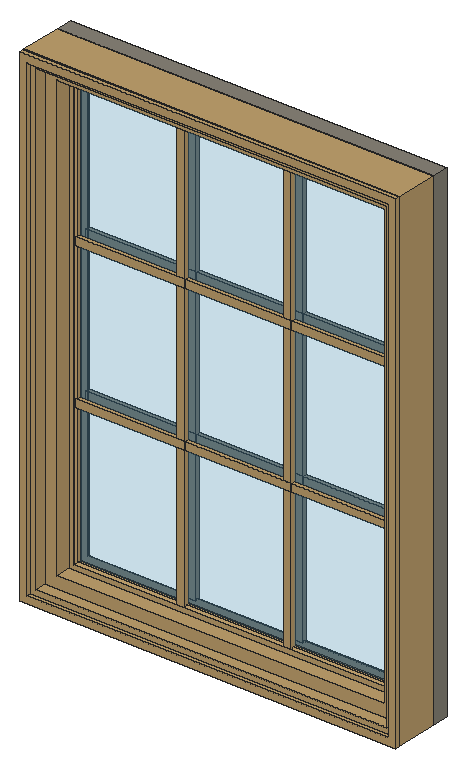
Revit family
Parameters (values of type "CUCA3648")
  Window Type = "Clad Ultimate Casement Tripane"
  Vent Area = VO Width * VO Height  # 8.42878 SF
  VO Width = if(Width < 1' 8", Width - 0' 9 19/32", Width - 0' 7 7/64")  # 2' - 4 57/64"
  VO Height = Height - 0' 5 29/256"  # 3' - 6 3/256"
  URL = "www.marvin.com"
  Prairie Corner Width = 0' - 4"
  Prairie Corner Height = 0' - 4"
  Plan Swing Angle [instance] = 14.802°
  Swing Width = Width - 0' 2 3/8"  # 2' - 9 5/8"
  Nominal Width = 3' - 0"
  Nominal Height = 4' - 0"
  Muntins Interior Material = Wood-Marvin-Pine
  Muntins Exterior Material = Aluminum-Marvin-Bronze
  Model = "CUCA3648"
  Manufacturer = "Marvin Windows and Doors"
  Lites Wide = 3
  Lites Wide Constraint = if(Nominal Width > 1' 4", Lites Wide, if(Lites Wide < 2, 1, 2))  # 3
  Lites High = 3
  Lites High Constraint = if(Nominal Height > 1' 4", Lites High, if(Lites High < 2, 1, 2))  # 3
  Lite Cut Prairie 9 = no
  Lite Cut Prairie 9 Constraint = if(and(Nominal Width > 1' 4", Nominal Height > 1' 4"), Lite Cut Prairie 9, 1 = 0)  # no
  Lite Cut HV Grid = not(Lite Cut Prairie 9 Constraint)  # yes
  Label Visibility = no
  Label Egress = if(and(and(VO Width > 1' 8", VO Height > 2' 0"), Vent Area > 5.70 SF), "EGRESS WDW", "")  # "EGRESS WDW"
  Interior Material = Wood-Marvin-Pine
  Glazing Material = Glass-Marvin-IG Low E II with Argon
  Glass Type = "IG Low E II with Argon - Tripane"
  Frame = "Aluminum Clad"
  Family created by = "www.rbuiltcomponents.com"
  Elev Swing RH Visibility [instance] = yes
  Elev Swing LH Visibility [instance] = no
  Rough Width = Width + 0' 1"  # 3' - 1"
  Rough Height = Height + 0' 0 1/2"  # 3' - 11 5/8"
  Plan Swing RH Visibility [instance] = yes
  Plan Swing LH Visibility [instance] = no
  Muntins Interior Visibility = yes
  Muntins Exterior Visibility = yes
  Jamb Extension Visibility = yes
  Inset to Installation Flange [instance] = 0' - 1"
  Height = Nominal Height - 0' 0 7/8"  # 3' - 11 1/8"
  Egress Window = "Yes"
  Design Pressure = "DP50"
  Description = "3648 CSMT"
  Default Head Height = 8' - 0"
  Wall Closure = (empty or 0)
  Width = Nominal Width  # 3' - 0"
  Daylight Area = DLO Width * DLO Height  # 8.66056 SF
  DLO Width = Width - 0' 5 13/16"  # 2' - 6 3/16"
  DLO Height = Height - 0' 5 13/16"  # 3' - 5 5/16"
  Cladding Material = Aluminum-Marvin-Bronze
  Assembly Code = ""
  Note To User = "All Lite Constraints Apply To Nominal Widths Or Heights < 1 - 6"  # constant formula
Reference planes (in)
  plane 1 "Center (Front/Back)": y = 0
  plane 2: z = 0
  plane 3 "Center (Left/Right)": x = -3
  plane 4 "Left": x = -21
  plane 5 "Right": x = 15
  plane 6 "Sill": z = 48.875
  plane 7 "Top": z = 96
  plane 8 "Inset": y = 2
  plane 9 "Glazing": y = 1.5
  plane 10 "Jamb Ext Face": y = -2.5625
  plane 11: z = 72.4375
  plane 12: y = -2.625
Forms (in)
  Sweep 1, solid, material "Aluminum-Marvin-Bronze" <- "Cladding Material"
    path origin (0, 1.5, 0) x (1, 0, 0) y (0, 0, 1)
      loop
        line (-21, 96) -> (-21, 48.875) -> (15, 48.875) -> (15, 96) -> (-21, 96)
    profile "Profile_Ext_Clad_Frame : Profile_Ext_Clad_Frame" origin (-21, 1.5, 72.4375) x (1, 0, 0) y (0, -1, 0)
      loop
        line (0, 0) -> (0, -1.59375) -> (0.52105, -1.59375) -> (0.60565, -0.38401) -> (2.696, -0.38401) -> (2.696, -0.2654) -> (2.896, -0.0654) -> (2.896, 0) -> (0, 0)
  Sweep 2, solid, material "Wood-Marvin-Pine" <- "Interior Material"
    path origin (0, 1.5, 0) x (1, 0, 0) y (0, 0, 1)
      loop
        line (-21, 96) -> (-21, 48.875) -> (15, 48.875) -> (15, 96) -> (-21, 96)
    profile "Profile_Int_Frame : Profile_Int_Frame" origin (-21, 1.5, 72.4375) x (1, 0, 0) y (0, -1, 0)
      loop
        line (0, 0) -> (2.208, 0) -> (2.208, 1.0035) -> (2.896, 1.0035) -> (2.896, 1.20016) -> (2.7085, 1.38766) -> (2.7085, 1.4875) -> (2.30184, 1.4875) -> (2.30184, 2.96164) -> (1.188, 2.96164) -> (1.188, 4.0625) -> (0, 4.0625) -> (0, 0)
  Extrusion 3, solid, material "Wood-Marvin-Pine" <- "Interior Material", visible <- "Jamb Extension Visibility", detail levels medium+fine
    sketch origin (0, -2.5625, 0) x (1, 0, 0) y (0, 0, 1)
      loop
        line (-21, 96) -> (-21, 48.875) -> (15, 48.875) -> (15, 96) -> (-21, 96)
      loop
        line (-20.3125, 49.5625) -> (14.3125, 49.5625) -> (14.3125, 95.3125) -> (-20.3125, 95.3125) -> (-20.3125, 49.5625)
    from 0.0625 to 0.4375
  Extrusion 4, solid, material "Glass-Marvin-IG Low E II with Argon" <- "Glazing Material"
    sketch origin (0, 1.5, 0) x (1, 0, 0) y (0, 0, 1)
      loop
        line (12.65625, 93.65625) -> (-18.65625, 93.65625) -> (-18.65625, 51.21875) -> (12.65625, 51.21875) -> (12.65625, 93.65625)
    from 0 to 0.125
  Extrusion 5, solid, material "Glass-Marvin-IG Low E II with Argon" <- "Glazing Material"
    sketch origin (0, 1.5, 0) x (1, 0, 0) y (0, 0, 1)
      loop
        line (12.65625, 93.65625) -> (-18.65625, 93.65625) -> (-18.65625, 51.21875) -> (12.65625, 51.21875) -> (12.65625, 93.65625)
    from 0.875 to 1.0035
Lines and regions (in)
  Opening 1
    outline origin (-60, -3, 0) x (1, 0, 0) y (0, 0, 1)
      loop
        line (39, 96) -> (39, 48.875) -> (75, 48.875) -> (75, 96) -> (39, 96)
  Masking region 1
    outline origin (0, 0, 48.875) x (0, -1, 0) y (1, 0, 0)
      loop
        line (-3.09375, -21) -> (2.5625, -21) -> (2.5625, 15) -> (-3.09375, 15) -> (-3.09375, -21)
  Masking region 2
    outline origin (-3, 0, 0) x (0, 1, 0) y (0, 0, 1)
      loop
        line (3.09375, 96) -> (-2.5625, 96) -> (-2.5625, 48.875) -> (3.09375, 48.875) -> (3.09375, 96)
  Masking region 3, visible <- "Jamb Extension Visibility"
    outline origin (0, 0, 0) x (1, 0, 0) y (0, 1, 0)
      loop
        line (-21, -2.625) -> (-21, -3) -> (15, -3) -> (15, -2.625) -> (-21, -2.625)
  Masking region 4, visible <- "Jamb Extension Visibility"
    outline origin (-3, 0, 0) x (0, 1, 0) y (0, 0, 1)
      loop
        line (-2.625, 96) -> (-3, 96) -> (-3, 48.875) -> (-2.625, 48.875) -> (-2.625, 96)
  symbolic lines, style "Jamb Extension", visible <- "Jamb Extension Visibility", detail levels fine
    curve 1: line (-21, -3, 48.875) -> (-20.3125, -3, 48.875)
    curve 2: line (-20.3125, -3, 48.875) -> (-20.3125, -2.625, 48.875)
    curve 3: line (15, -3, 48.875) -> (14.3125, -3, 48.875)
    curve 4: line (14.3125, -3, 48.875) -> (14.3125, -2.625, 48.875)
    curve 5: line (-3, -3, 95.3125) -> (-3, -2.625, 95.3125)
    curve 6: line (-3, -3, 49.5625) -> (-3, -2.625, 49.5625)
  symbolic lines, style "WindowsFrameMullionProjection", detail levels coarse+medium
    curve 7: line (15, -2.5625, 0) -> (13.812, -2.5625, 0)
    curve 8: line (13.812, -2.5625, 0) -> (13.812, 3.09375, 0)
    curve 9: line (13.812, 3.09375, 0) -> (15, 3.09375, 0)
    curve 10: line (13.812, 1.88401, 0) -> (12.104, 1.88401, 0)
    curve 11: line (12.104, 1.88401, 0) -> (12.104, 0.0125, 0)
    curve 12: line (-19.812, 0.0125, 0) -> (-18.104, 0.0125, 0)
    curve 13: line (-21, -2.5625, 0) -> (-19.812, -2.5625, 0)
    curve 14: line (-19.812, -2.5625, 0) -> (-19.812, 3.09375, 0)
    curve 15: line (-19.812, 3.09375, 0) -> (-21, 3.09375, 0)
    curve 16: line (-18.104, 1.88401, 0) -> (-18.104, 0.0125, 0)
    curve 17: line (-3, 3.09375, 96) -> (-3, 3.09375, 94.812)
    curve 18: line (-3, 3.09375, 94.812) -> (-3, -2.5625, 94.812)
    curve 19: line (-3, -2.5625, 94.812) -> (-3, -2.5625, 96)
    curve 20: line (-3, 1.875, 94.812) -> (-3, 1.875, 93.104)
    curve 21: line (-3, 1.875, 93.104) -> (-3, 0.00901, 93.104)
    curve 22: line (-3, 0.00901, 50.063) -> (-3, 0.00901, 51.771)
    curve 23: line (-3, 3.09375, 48.875) -> (-3, 3.09375, 50.063)
    curve 24: line (-3, 3.09375, 50.063) -> (-3, -2.5625, 50.063)
    curve 25: line (-3, -2.5625, 50.063) -> (-3, -2.5625, 48.875)
    curve 26: line (-3, 1.875, 51.771) -> (-3, 0.00901, 51.771)
    curve 29: line (12.104, 1.88401, 0) -> (-18.104, 1.88401, 0)
    curve 30: line (12.104, 0.0125, 0) -> (13.812, 0.0125, 0)
    curve 31: line (-18.104, 0.0125, 0) -> (12.104, 0.0125, 0)
    curve 32: line (-18.104, 1.88401, 0) -> (-19.812, 1.88401, 0)
    curve 33: line (-3, 0.00901, 51.771) -> (-3, 0.00901, 93.104)
    curve 34: line (-3, 1.875, 51.771) -> (-3, 1.875, 50.063)
    curve 35: line (-3, 0.00901, 93.104) -> (-3, 0.00901, 94.812)
    curve 36: line (-3, 1.875, 93.104) -> (-3, 1.875, 51.771)
  symbolic lines, style "WindowsGlassProjection", detail levels coarse+medium
    curve 27: line (-3, 1.07151, 93.104) -> (-3, 1.07151, 51.771)
    curve 28: line (-18.104, 1.07351, 0) -> (12.104, 1.07351, 0)
  symbolic lines, style "Elevation Swing", visible <- "Elev Swing LH Visibility"
    curve 37: line (-20.39435, 0, 95.37685) -> (14.39435, 0, 72.4375)
    curve 38: line (14.39435, 0, 72.4375) -> (-20.47895, 0, 49.39605)
  symbolic lines, style "Elevation Swing", visible <- "Elev Swing RH Visibility"
    curve 39: line (14.39435, 0, 95.37685) -> (-20.39435, 0, 72.4375)
    curve 40: line (-20.39435, 0, 72.4375) -> (14.3125, 0, 49.5625)
  symbolic lines, style "WindowsFrameMullionProjection"
    curve 41: line (-3, -2.5625, 50.063) -> (-3, -2.5625, 94.812)
    curve 42: line (-19.812, -2.5625, 48.875) -> (13.812, -2.5625, 48.875)
  symbolic lines, style "WindowsFrameMullionProjection", visible <- "Jamb Extension Visibility", detail levels coarse+medium
    curve 43: line (-20.3125, -2.625, 48.875) -> (-20.3125, -3, 48.875)
    curve 44: line (-20.3125, -3, 48.875) -> (-21, -3, 48.875)
    curve 45: line (14.3125, -2.625, 48.875) -> (14.3125, -3, 48.875)
    curve 46: line (14.3125, -3, 48.875) -> (15, -3, 48.875)
    curve 49: line (-3, -2.625, 95.3125) -> (-3, -3, 95.3125)
    curve 50: line (-3, -3, 95.3125) -> (-3, -3, 96)
    curve 51: line (-3, -2.625, 49.5625) -> (-3, -3, 49.5625)
    curve 52: line (-3, -3, 49.5625) -> (-3, -3, 48.875)
  symbolic lines, style "Jamb Extension", visible <- "Jamb Extension Visibility"
    curve 47: line (-3, -3, 49.5625) -> (-3, -3, 48.875)
    curve 48: line (-3, -3, 95.3125) -> (-3, -3, 96)
  symbolic lines, style "Elevation Swing", visible <- "Plan Swing RH Visibility"
    curve 53: line (-19.812, 1.88401, 0) -> (12.69713, 10.47452, 0)
    curve 54: arc (13.812, 1.88401, 0) -> (13.53212, 6.21529, 0) -> (12.69713, 10.47452, 0) r 33.65416
  symbolic lines, style "Elevation Swing", visible <- "Plan Swing LH Visibility"
    curve 55: line (13.812, 1.88401, 0) -> (-18.69713, 10.47452, 0)
    curve 56: arc (-19.812, 1.88401, 0) -> (-19.53212, 6.21529, 0) -> (-18.69713, 10.47452, 0) r 33.65416
Text (in)
  text "EXTERIOR" at (-58.6888, 50.90694, 0), in view "Ref. Level"
  text "INTERIOR" at (-58.6888, -37.76638, 0), in view "Ref. Level"
  text "Exterior" at (0, 43.65631, 123.19604), in view "Left"
  text "Exterior" at (0, 18.29385, 125.04747), in view "Right"
Dimensions and locks (in)
  equal spacing: plane 4 "Left", plane 3 "Center (Left/Right)", plane 5 "Right"
  "Width": plane 4 "Left" to plane 5 "Right"
  "Height": plane 6 "Sill" to plane 7 "Top"
  "Inset to Installation Flange": host wall to plane 8 "Inset"
  locked: plane 9 "Glazing" to plane 8 "Inset" at 0.5
  locked: plane 10 "Jamb Ext Face" to plane 8 "Inset" at 4.5625
  locked: Extrusion 4 sketch curve to plane 5 "Right" at 2.34375
  locked: plane 4 "Left" to Extrusion 4 sketch curve at 2.34375
  locked: Extrusion 4 sketch curve to plane 7 "Top" at 2.34375
  locked: plane 6 "Sill" to Extrusion 4 sketch curve at 2.34375
  plane 8 "Inset" to curve 20 to curve 35 = 0' - 0 1/8" locked, 0' - 1.86599" locked
  equal spacing: curve 30, curve 10, plane 8 "Inset"
  locked: nested 3 to plane 9 "Glazing" at 1
  equal spacing: plane 6 "Sill", plane 11, plane 7 "Top"
  "Default Head Height": plane 2 to plane 7 "Top"
  locked: Extrusion 3 sketch curve to Extrusion 3 sketch curve at 0.6875  (x2)
  locked: Sweep 2 to Extrusion 3 sketch curve at 0.6875
  locked: plane 7 "Top" to Extrusion 3 sketch curve at 0.6875
  locked: nested 5 to host wall at 12.00106
  locked: Extrusion 5 sketch curve to plane 7 "Top" at 2.34375
  locked: Extrusion 5 sketch curve to plane 5 "Right" at 2.34375
  locked: plane 6 "Sill" to Extrusion 5 sketch curve at 2.34375
  locked: plane 4 "Left" to Extrusion 5 sketch curve at 2.34375
  locked: plane 9 "Glazing" to Extrusion 4 at 0.125
  locked: plane 9 "Glazing" to Extrusion 5 at 0.875
  locked: plane 9 "Glazing" to Extrusion 5 at 1.0035
  locked: Extrusion 5 to Extrusion 5 at 0.1285
  "Swing Width": curve 56 to curve 55
  "Swing Width": curve 54 to curve 53
  locked: plane 12 to plane 10 "Jamb Ext Face" at 0.0625
  "Plan Swing Angle": angle curve 32 to curve 53
  "Plan Swing Angle": angle curve 55 to curve 10
  aligned and locked: plane 7 "Top" to Opening 1 sketch curve
  aligned and locked: plane 6 "Sill" to Opening 1 sketch curve  (x2)
  aligned and locked: plane 5 "Right" to Opening 1 sketch curve
  aligned and locked: plane 4 "Left" to Opening 1 sketch curve
  aligned and locked: nested 1 to plane 3 "Center (Left/Right)"
  aligned and locked: plane 8 "Inset" to nested 1
  aligned and locked: host wall to curve 1
  aligned and locked: curve 3 to host wall
  aligned and locked: plane 7 "Top" to Sweep 1 sketch curve
  aligned and locked: Sweep 1 sketch curve to plane 6 "Sill"
  aligned and locked: plane 5 "Right" to Sweep 1 sketch curve
  aligned and locked: Sweep 1 sketch curve to plane 4 "Left"
  aligned and locked: Sweep 2 sketch curve to plane 4 "Left"
  aligned and locked: plane 5 "Right" to Sweep 2 sketch curve
  aligned and locked: plane 7 "Top" to Sweep 2 sketch curve
  aligned and locked: Sweep 2 sketch curve to plane 6 "Sill"
  aligned and locked: plane 6 "Sill" to nested 2
  aligned and locked: plane 8 "Inset" to nested 2
  aligned and locked: Extrusion 3 sketch curve to plane 6 "Sill"
  aligned and locked: plane 5 "Right" to Extrusion 3 sketch curve
  aligned and locked: plane 11 to nested 3
  aligned and locked: plane 9 "Glazing" to nested 4
  aligned and locked: nested 4 to plane 11
  aligned and locked: nested 4 to plane 3 "Center (Left/Right)"
  aligned and locked: plane 3 "Center (Left/Right)" to nested 3
  aligned and locked: plane 5 "Right" to Masking region 1 sketch curve
  aligned and locked: Masking region 1 sketch curve to plane 4 "Left"
  aligned and locked: Masking region 1 sketch curve to Sweep 1
  aligned and locked: Masking region 2 sketch curve to Sweep 1
  aligned and locked: plane 7 "Top" to Masking region 2 sketch curve
  aligned and locked: Masking region 2 sketch curve to plane 6 "Sill"
  aligned and locked: host wall to Extrusion 3
  aligned and locked: Sweep 1 to curve 15
  aligned and locked: curve 9 to Sweep 1
  aligned and locked: curve 23 to Sweep 1
  aligned and locked: curve 17 to Sweep 1
  aligned and locked: plane 3 "Center (Left/Right)" to nested 5
  aligned and locked: Extrusion 3 sketch curve to plane 4 "Left"
  aligned and locked: plane 7 "Top" to Extrusion 3 sketch curve
  aligned and locked: curve 5 to Extrusion 3
  aligned and locked: curve 2 to Extrusion 3
  aligned and locked: curve 4 to Extrusion 3
  aligned and locked: plane 10 "Jamb Ext Face" to curve 13
  aligned and locked: curve 7 to plane 10 "Jamb Ext Face"
  aligned and locked: curve 42 to curve 14
  aligned and locked: curve 42 to curve 8
  aligned and locked: plane 10 "Jamb Ext Face" to curve 42
  aligned and locked: plane 4 "Left" to curve 44
  aligned and locked: curve 43 to Extrusion 3
  aligned and locked: curve 44 to host wall
  aligned and locked: plane 5 "Right" to curve 46
  aligned and locked: Extrusion 3 to curve 45
  aligned and locked: host wall to curve 46
  aligned and locked: curve 25 to plane 10 "Jamb Ext Face"
  aligned and locked: curve 24 to curve 41
  aligned and locked: plane 6 "Sill" to curve 47
  aligned and locked: curve 47 to Extrusion 3
  aligned and locked: curve 47 to host wall
  aligned and locked: plane 10 "Jamb Ext Face" to curve 19
  aligned and locked: plane 7 "Top" to curve 48
  aligned and locked: plane 7 "Top" to curve 50
  aligned and locked: host wall to curve 50
  aligned and locked: Extrusion 3 to curve 49
  aligned and locked: plane 6 "Sill" to curve 52
  aligned and locked: curve 51 to Extrusion 3
  aligned and locked: Sweep 2 to curve 41
  aligned and locked: Extrusion 4 to plane 9 "Glazing"
  aligned and locked: Sweep 1 to curve 53
  aligned and locked: curve 14 to curve 53
  aligned and locked: Sweep 1 to curve 10
  aligned and locked: Sweep 1 to curve 32
  aligned and locked: curve 12 to Sweep 2
  aligned and locked: Sweep 2 to curve 30
  aligned and locked: curve 8 to curve 55
  aligned and locked: curve 8 to nested 1
  aligned and locked: curve 14 to Sweep 2
  aligned and locked: Extrusion 3 to plane 12
  aligned and locked: plane 12 to curve 2
  aligned and locked: plane 12 to curve 43
  aligned and locked: plane 12 to curve 4
  aligned and locked: plane 12 to curve 45
  aligned and locked: plane 12 to curve 5
  aligned and locked: plane 12 to curve 49
  aligned and locked: plane 12 to curve 6
  aligned and locked: plane 12 to curve 51
  aligned and locked: plane 12 to Masking region 3 sketch curve
  aligned and locked: Masking region 3 sketch curve to host wall
  aligned and locked: Masking region 3 sketch curve to plane 4 "Left"
  aligned and locked: plane 5 "Right" to Masking region 3 sketch curve
  aligned and locked: plane 12 to Masking region 4 sketch curve
  aligned and locked: Masking region 4 sketch curve to host wall
  aligned and locked: plane 7 "Top" to Masking region 4 sketch curve
  aligned and locked: Masking region 4 sketch curve to plane 6 "Sill"
  aligned and locked: Masking region 1 sketch curve to plane 10 "Jamb Ext Face"
  aligned and locked: Masking region 2 sketch curve to plane 10 "Jamb Ext Face"
  aligned and locked: curve 40 to Extrusion 3
  aligned and locked: Sweep 1 to curve 40
  aligned and locked: Sweep 1 to curve 39
  aligned and locked: curve 38 to Sweep 1
  aligned and locked: Sweep 1 to curve 38
  aligned and locked: Sweep 1 to curve 37
  aligned and locked: curve 21 to Sweep 2
  aligned and locked: curve 26 to Sweep 2
  aligned and locked: curve 24 to Sweep 2
  aligned and locked: curve 16 to Sweep 2
  aligned and locked: curve 11 to Sweep 2
  aligned and locked: Extrusion 5 to Sweep 2
  aligned and locked: curve 34 to nested 2
Automatic sketch dimensions
  curve 13 to plane 4 "Left" = 0' - 0"
  curve 15 to plane 4 "Left" = 0' - 0"
  curve 7 to plane 5 "Right" = 0' - 0"
  curve 9 to plane 5 "Right" = 0' - 0"
  plane 9 "Glazing" to curve 28 = 0' - 0.42649"
  curve 1 to plane 4 "Left" = 0' - 0"
  curve 3 to plane 5 "Right" = 0' - 0"
  curve 25 to plane 6 "Sill" = 0' - 0"
  curve 23 to plane 6 "Sill" = 0' - 0"
  curve 17 to plane 7 "Top" = 0' - 0"
  curve 19 to plane 7 "Top" = 0' - 0"
  plane 9 "Glazing" to curve 27 = 0' - 0.42849"
  curve 38 to plane 11 = 0' - 0"
  curve 40 to plane 11 = 0' - 0"
  curve 40 to plane 6 "Sill" = 0' - 0 11/16"
  curve 38 to plane 6 "Sill" = 0' - 0.52105"
  plane 7 "Top" to curve 39 = 0' - 0.62315"
  plane 7 "Top" to curve 37 = 0' - 0.62315"
Nested families (in)
  nested 1: "Casement_Plan_Detail" at (-3, 2, 48.875) x (-1, 0, 0) z (0, 0, -1), type "Casement_Plan_Detail", detail levels fine
  nested 2: "Casement_Section_Detail" at (-3, 2, 96) x (0, -1, 0) z (1, 0, 0), type "Casement_Section_Detail", detail levels fine
  nested 3: "Muntins" at (-3, 0.5, 15.78125), visible <- "Muntins Interior Visibility", Muntin Material <- "Muntins Interior Material", type "Muntins"
    with Muntin Material Wood-Marvin-Pine, GlazingWidth 2' - 6 3/16", GlazingHeight 3' - 5 5/16", Width 2' - 6 5/8", Height 3' - 5 3/4", Inset Vert 0' - 9.83333", Inset Horiz 1' - 1.54167"
  nested 4: "Muntins" at (-3, 1.5, 15.78125), visible <- "Muntins Exterior Visibility", Muntin Material <- "Muntins Exterior Material", type "Muntins"
    with Muntin Material Aluminum-Marvin-Bronze, GlazingWidth 2' - 6 3/16", GlazingHeight 3' - 5 5/16", Width 2' - 6 5/8", Height 3' - 5 3/4", Inset Vert 0' - 9.83333", Inset Horiz 1' - 1.54167"
  nested 5: "Label Annotation 1-16 w" at (-3, 15.00106, 0), visible <- "Label Visibility", type "Label Annotation 1-16 w"
Definition of nested family "Muntins"
  Parameters (values of type "Muntins")
    PrairieMuntVisible = no
    Prairie Corner Width = 0' - 4"
    Prairie Corner Height = 0' - 4"
    Muntin Extension = 0' - 0 7/16"
    GridMuntVisible = yes
    GlazingWidth = 2' - 0"
    GlazingHeight = 2' - 11 1/8"
    Width = GlazingWidth + Muntin Extension  # 2' - 0 7/16"
    VerticalMuntins = if(LitesHorizontal < 3, 2, LitesHorizontal - 1)  # 2
    VertMuntVisible = and(GridMuntVisible, LitesHorizontal > 2)  # yes
    MuntinWidth = 0' - 0 3/4"
    MuntinDepth [instance] = 0' - 0 3/8"
    Muntin Material [instance] = none
    LitesVertical = 3
    LitesHorizontal = 3
    HorizontalMuntins = if(LitesVertical < 3, 2, LitesVertical - 1)  # 2
    HorizMuntVisible = and(GridMuntVisible, LitesVertical > 2)  # yes
    Height = GlazingHeight + Muntin Extension  # 2' - 11 9/16"
    Inset Vert = if(LitesHorizontal < 3, (Width / 3) - (MuntinWidth / 2), (Width / LitesHorizontal) - (MuntinWidth / 2))  # 0' - 7.77083"
    Inset Horiz = if(LitesVertical < 3, (Height / 3) - (MuntinWidth / 2), (Height / LitesVertical) - (MuntinWidth / 2))  # 0' - 11.47917"
    CenterMuntinVertical = and(GridMuntVisible, LitesHorizontal = 2)  # no
    CenterMuntinHorizontal = and(GridMuntVisible, LitesVertical = 2)  # no
    Assembly Code = ""
  Reference planes (in)
    plane 1 "Center (Front/Back)": y = 0
    plane 2: z = 0
    plane 3 "Center (Left/Right)": x = 0
    plane 4: z = 35.78125
    plane 5: z = 53.5625
    plane 6: z = 71.34375
    plane 7: z = 59.86458
    plane 8: z = 47.26042
    plane 9: z = 71.125
    plane 10: z = 36
    plane 11: x = -12
    plane 12: x = 12
    plane 13: x = -4.44792
    plane 14: x = -12.21875
    plane 15: x = 12.21875
    plane 16: x = 4.44792
    plane 17: z = 67.125
    plane 18: z = 40
    plane 19: x = -8
    plane 20: x = 8
  Forms (in)
    Extrusion 1, solid, material <- "Muntin Material", visible <- "CenterMuntinVertical", detail levels medium+fine
      sketch origin (9, 0, 0) x (1, 0, 0) y (0, 0, 1)
        loop
          line (-9.375, 71.34375) -> (-9.375, 35.78125) -> (-8.625, 35.78125) -> (-8.625, 71.34375) -> (-9.375, 71.34375)
      from 0 to 0.375 <- "MuntinDepth"
    Extrusion 2, solid, material <- "Muntin Material", visible <- "CenterMuntinHorizontal", detail levels medium+fine
      sketch origin (-0.0013, 0, 14.6875) x (1, 0, 0) y (0, 0, 1)
        loop
          line (-12.21745, 39.25) -> (-12.21745, 38.5) -> (12.22005, 38.5) -> (12.22005, 39.25) -> (-12.21745, 39.25)
      from 0 to 0.375 <- "MuntinDepth"
    Extrusion 3, solid, material <- "Muntin Material", visible <- "VertMuntVisible", detail levels medium+fine
      sketch origin (4.92708, 0, -2.90625) x (1, 0, 0) y (0, 0, 1)
        loop
          line (-9.375, 74.25) -> (-9.375, 38.6875) -> (-8.625, 38.6875) -> (-8.625, 74.25) -> (-9.375, 74.25)
      from 0 to 0.375 <- "MuntinDepth"
    Extrusion 4, solid, material <- "Muntin Material", visible <- "HorizMuntVisible", detail levels medium+fine
      sketch origin (-3.09635, 0, 14.17708) x (1, 0, 0) y (0, 0, 1)
        loop
          line (-9.1224, 45.6875) -> (-9.1224, 44.9375) -> (15.3151, 44.9375) -> (15.3151, 45.6875) -> (-9.1224, 45.6875)
      from 0 to 0.375 <- "MuntinDepth"
    Extrusion 5, solid, material <- "Muntin Material", visible <- "HorizMuntVisible", detail levels medium+fine
      sketch origin (-3.09635, 0, 2.32292) x (1, 0, 0) y (0, 0, 1)
        loop
          line (-9.1224, 45.6875) -> (-9.1224, 44.9375) -> (15.3151, 44.9375) -> (15.3151, 45.6875) -> (-9.1224, 45.6875)
      from 0 to 0.375 <- "MuntinDepth"
    Extrusion 6, solid, material <- "Muntin Material", visible <- "VertMuntVisible", detail levels medium+fine
      sketch origin (13.07292, 0, -2.90625) x (1, 0, 0) y (0, 0, 1)
        loop
          line (-9.375, 74.25) -> (-9.375, 38.6875) -> (-8.625, 38.6875) -> (-8.625, 74.25) -> (-9.375, 74.25)
      from 0 to 0.375 <- "MuntinDepth"
    Extrusion 7, solid, material <- "Muntin Material", visible <- "PrairieMuntVisible", detail levels medium+fine
      sketch origin (1, 0, 0) x (1, 0, 0) y (0, 0, 1)
        loop
          line (-9, 71.34375) -> (-9, 35.78125) -> (-8.25, 35.78125) -> (-8.25, 71.34375) -> (-9, 71.34375)
      from 0 to 0.375 <- "MuntinDepth"
    Extrusion 8, solid, material <- "Muntin Material", visible <- "PrairieMuntVisible", detail levels medium+fine
      sketch origin (17, 0, 0) x (1, 0, 0) y (0, 0, 1)
        loop
          line (-9.75, 71.34375) -> (-9.75, 35.78125) -> (-9, 35.78125) -> (-9, 71.34375) -> (-9.75, 71.34375)
      from 0 to 0.375 <- "MuntinDepth"
    Extrusion 9, solid, material <- "Muntin Material", visible <- "PrairieMuntVisible", detail levels medium+fine
      sketch origin (-0.0013, 0, 28.25) x (1, 0, 0) y (0, 0, 1)
        loop
          line (-12.21745, 38.875) -> (-12.21745, 38.125) -> (12.22005, 38.125) -> (12.22005, 38.875) -> (-12.21745, 38.875)
      from 0 to 0.375 <- "MuntinDepth"
    Extrusion 10, solid, material <- "Muntin Material", visible <- "PrairieMuntVisible", detail levels medium+fine
      sketch origin (-0.0013, 0, 1.125) x (1, 0, 0) y (0, 0, 1)
        loop
          line (-12.21745, 39.625) -> (-12.21745, 38.875) -> (12.22005, 38.875) -> (12.22005, 39.625) -> (-12.21745, 39.625)
      from 0 to 0.375 <- "MuntinDepth"
  Cuts and joins
    joined: Extrusion 7, Extrusion 8, Extrusion 9, Extrusion 10
  Lines and regions (in)
    model lines, style "Muntins", visible <- "CenterMuntinHorizontal", detail levels coarse
      curve 1: line (-12.21875, 0, 53.5625) -> (12.21875, 0, 53.5625)
    model lines, style "Muntins", visible <- "HorizMuntVisible", detail levels coarse
      curve 2: line (-12.21875, 0, 59.48958) -> (12.21875, 0, 59.48958)
      curve 3: line (-12.21875, 0, 47.63542) -> (12.21875, 0, 47.63542)
    model lines, style "Muntins", visible <- "CenterMuntinVertical", detail levels coarse
      curve 4: line (0, 0, 71.34375) -> (0, 0, 35.78125)
    model lines, style "Muntins", visible <- "VertMuntVisible", detail levels coarse
      curve 5: line (-4.07292, 0, 71.34375) -> (-4.07292, 0, 35.78125)
      curve 6: line (4.07292, 0, 71.34375) -> (4.07292, 0, 35.78125)
    model lines, style "Muntins", visible <- "PrairieMuntVisible", detail levels coarse
      curve 7: line (-12.21875, 0, 66.75) -> (12.21875, 0, 66.75)
      curve 8: line (-12.21875, 0, 40.375) -> (12.21875, 0, 40.375)
      curve 9: line (-7.625, 0, 35.78125) -> (-7.625, 0, 71.34375)
      curve 10: line (7.625, 0, 35.78125) -> (7.625, 0, 71.34375)
  Dimensions and locks (in)
    "Inset Horiz": plane 6 to plane 7
    "Inset Horiz": plane 8 to plane 4
    equal spacing: plane 6, plane 5, plane 4
    "Height": plane 6 to plane 4
    "GlazingHeight": plane 9 to plane 10
    equal spacing: plane 9, plane 5, plane 10
    "GlazingWidth": plane 12 to plane 11
    equal spacing: plane 12, plane 3 "Center (Left/Right)", plane 11
    "MuntinWidth": Extrusion 1 sketch curve to Extrusion 1 sketch curve
    "Height": Extrusion 1 sketch curve to Extrusion 1 sketch curve
    "MuntinWidth": Extrusion 2 sketch curve to Extrusion 2 sketch curve
    "Width": Extrusion 2 sketch curve to Extrusion 2 sketch curve
    "MuntinWidth": Extrusion 3 sketch curve to Extrusion 3 sketch curve
    "Height": Extrusion 3 sketch curve to Extrusion 3 sketch curve
    "Width": plane 15 to plane 14
    equal spacing: plane 15, plane 3 "Center (Left/Right)", plane 14
    "Inset Vert": plane 13 to plane 14
    "Inset Vert": plane 15 to plane 16
    "MuntinWidth": Extrusion 4 sketch curve to Extrusion 4 sketch curve
    "Width": Extrusion 4 sketch curve to Extrusion 4 sketch curve
    "MuntinWidth": Extrusion 5 sketch curve to Extrusion 5 sketch curve
    "Width": Extrusion 5 sketch curve to Extrusion 5 sketch curve
    group 2 to group 3 = 0' - 0"  (x2)
    group 3 to group 2 = 0' - 11.85417"
    "MuntinWidth": Extrusion 6 sketch curve to Extrusion 6 sketch curve
    "Height": Extrusion 6 sketch curve to Extrusion 6 sketch curve
    group 4 to group 5 = 0' - 8.14583"
    group 4 to group 5 = 0' - 0"  (x2)
    "Prairie Corner Width": plane 19 to plane 11
    "Prairie Corner Width": plane 20 to plane 12
    "Prairie Corner Height": plane 9 to plane 17
    "Prairie Corner Height": plane 18 to plane 10
    "MuntinWidth": Extrusion 7 sketch curve to Extrusion 7 sketch curve
    "Height": Extrusion 7 sketch curve to Extrusion 7 sketch curve
    "MuntinWidth": Extrusion 8 sketch curve to Extrusion 8 sketch curve
    "Height": Extrusion 8 sketch curve to Extrusion 8 sketch curve
    "MuntinWidth": Extrusion 9 sketch curve to Extrusion 9 sketch curve
    "Width": Extrusion 9 sketch curve to Extrusion 9 sketch curve
    "MuntinWidth": Extrusion 10 sketch curve to Extrusion 10 sketch curve
    "Width": Extrusion 10 sketch curve to Extrusion 10 sketch curve
    aligned and locked: plane 6 to Extrusion 1  (x2)
    aligned and locked: Extrusion 1 to plane 4  (x3)
    aligned and locked: Extrusion 3 to plane 13  (x5)
    aligned and locked: Extrusion 3 to plane 4  (x3)
    aligned and locked: Extrusion 2 to plane 14
    aligned and locked: plane 15 to Extrusion 2
    aligned and locked: plane 6 to Extrusion 3
    aligned and locked: plane 7 to Extrusion 4
    aligned and locked: Extrusion 4 to plane 14
    aligned and locked: plane 15 to Extrusion 4
    aligned and locked: curve 1 to plane 5
    aligned and locked: plane 14 to curve 1
    aligned and locked: plane 15 to curve 1
    aligned and locked: Extrusion 5 to plane 14
    aligned and locked: Extrusion 5 to plane 8
    aligned and locked: plane 15 to Extrusion 5
    aligned and locked: Extrusion 5 to curve 3  (x2)
    aligned and locked: Extrusion 4 to curve 2  (x2)
    aligned and locked: curve 4 to plane 3 "Center (Left/Right)"
    aligned and locked: Extrusion 1 to curve 4  (x2)
    aligned and locked: Extrusion 3 to curve 5  (x2)
    aligned and locked: Extrusion 6 to curve 6  (x2)
    aligned and locked: Extrusion 6 to plane 16
    aligned and locked: plane 6 to Extrusion 6
    aligned and locked: plane 6 to curve 6
    aligned and locked: Extrusion 6 to plane 4
    aligned and locked: plane 4 to curve 6
    aligned and locked: cut or joined group of Extrusion 7, Extrusion 8, Extrusion 9, Extrusion 10 to plane 19
    aligned and locked: plane 20 to cut or joined group of Extrusion 7, Extrusion 8, Extrusion 9, Extrusion 10
    aligned and locked: plane 17 to cut or joined group of Extrusion 7, Extrusion 8, Extrusion 9, Extrusion 10
    aligned and locked: cut or joined group of Extrusion 7, Extrusion 8, Extrusion 9, Extrusion 10 to plane 18
    aligned and locked: cut or joined group of Extrusion 7, Extrusion 8, Extrusion 9, Extrusion 10 to curve 7  (x2)
    aligned and locked: cut or joined group of Extrusion 7, Extrusion 8, Extrusion 9, Extrusion 10 to curve 8  (x2)
    aligned and locked: cut or joined group of Extrusion 7, Extrusion 8, Extrusion 9, Extrusion 10 to curve 9  (x2)
    aligned and locked: cut or joined group of Extrusion 7, Extrusion 8, Extrusion 9, Extrusion 10 to curve 10  (x2)
  Automatic sketch dimensions
    Extrusion 1 sketch curve to plane 4 = 0' - 0"
    Extrusion 1 sketch curve to plane 3 "Center (Left/Right)" = 0' - 0 3/8"
    Extrusion 2 sketch curve to plane 14 = 0' - 0"
    Extrusion 2 sketch curve to plane 5 = 0' - 0 3/8"
    Extrusion 7 sketch curve to plane 4 = 0' - 0"
    Extrusion 7 sketch curve to plane 19 = 0' - 0"
    Extrusion 8 sketch curve to plane 4 = 0' - 0"
    Extrusion 8 sketch curve to plane 20 = 0' - 0 3/4"
    Extrusion 9 sketch curve to plane 14 = 0' - 0"
    Extrusion 9 sketch curve to plane 17 = 0' - 0 3/4"
    Extrusion 10 sketch curve to plane 14 = 0' - 0"
    Extrusion 10 sketch curve to plane 18 = 0' - 0"
    plane 19 to curve 9 = 0' - 0 3/8"
    curve 10 to plane 20 = 0' - 0 3/8"
    plane 18 to curve 8 = 0' - 0 3/8"
    curve 7 to plane 17 = 0' - 0 3/8"
Definition of nested family "Casement_Plan_Detail"
  Parameters (values of type "Casement_Plan_Detail")
    Width = 3' - 0"
    Assembly Code = ""
  Reference planes (in)
    plane 1 "Center (Front/Back)": y = 0
    plane 2: z = 0
    plane 3 "Center (Left/Right)": x = 0
    plane 4: x = -18
    plane 5: x = 18
  Lines and regions (in)
    detail lines, style "Cut Lines", in view "Ref. Level"
      curve 1: line (-15.647, -0.94049, 0) -> (15.647, -0.94049, 0)
      curve 2: line (-15.647, -1.06549, 0) -> (15.647, -1.06549, 0)
      curve 3: line (-15.647, -1.37799, 0) -> (15.647, -1.37799, 0)
      curve 4: line (-15.647, -1.50299, 0) -> (15.647, -1.50299, 0)
      curve 6: line (-15.647, -0.62799, 0) -> (15.647, -0.62799, 0)
      curve 7: line (-15.647, -0.50299, 0) -> (15.647, -0.50299, 0)
    detail lines, style "DetailComponentsHiddenLines", in view "Ref. Level"
      curve 5: line (-14.92484, -2.36899, 0) -> (14.96084, -2.36899, 0)
  Dimensions and locks (in)
    equal spacing: plane 4, plane 3 "Center (Left/Right)", plane 5
    "Width": plane 4 to plane 5
    aligned and locked: plane 1 "Center (Front/Back)" to nested 1
    aligned and locked: nested 1 to plane 4
    aligned and locked: plane 5 to nested 2
    aligned and locked: nested 2 to plane 1 "Center (Front/Back)"
    aligned and locked: nested 2 to nested 2
    aligned and locked: nested 1 to curve 5
    aligned and locked: curve 3 to nested 1  (x2)
    aligned and locked: nested 1 to curve 4
    aligned and locked: curve 2 to nested 1  (x2)
    aligned and locked: curve 1 to nested 1  (x2)
    aligned and locked: curve 6 to nested 1  (x2)
    aligned and locked: curve 7 to nested 1  (x2)
    aligned and locked: curve 4 to nested 1
    aligned and locked: nested 2 to curve 4
    aligned and locked: curve 3 to nested 2
    aligned and locked: curve 2 to nested 2
    aligned and locked: curve 1 to nested 2
    aligned and locked: curve 6 to nested 2
    aligned and locked: curve 7 to nested 2
  Automatic sketch dimensions
    curve 5 to curve 4 = 0' - 0.68616"
    curve 5 to curve 4 = 0' - 0.866"
  Nested families (in)
    nested 1: "Jamb_Detail" at (-18, 0, 0), type "Jamb_Detail", in view "Ref. Level"
    nested 2: "Jamb_Detail" at (18, 0, 0) x (-1, 0, 0) z (0, 0, 1), type "Jamb_Detail", in view "Ref. Level"
  Definition of nested family "Jamb_Detail"
    Parameters (values of type "Jamb_Detail")
      Assembly Code = ""
    Reference planes (in)
      plane 1 "Center (Front/Back)": y = 0
      plane 2: z = 0
      plane 3 "Center (Left/Right)": x = 0
    Lines and regions (in)
      detail lines, style "Cut Lines", in view "Ref. Level"
        curve 1: line (0, 4.56199, 0) -> (1.188, 4.56199, 0)
        curve 2: line (0, -1.09401, 0) -> (0, 4.56199, 0)
        curve 3: line (1.188, 4.56199, 0) -> (1.188, 0.52099, 0)
        curve 4: line (0.52105, -1.09401, 0) -> (0, -1.09401, 0)
        curve 5: line (0.637, 0.56409, 0) -> (0.52105, -1.09401, 0)
        curve 6: line (0.637, 0.56409, 0) -> (0.637, 1.98699, 0)
        curve 7: line (-1.5, 0, 0) -> (-0.15, 0, 0)
        curve 8: line (0, -0.04501, 0) -> (-1.5, -0.04501, 0)
        curve 9: line (-1.5, -0.04501, 0) -> (-1.5, 0, 0)
        curve 10: line (-0.15, 0.10999, 0) -> (0, 0.10999, 0)
        curve 11: line (-0.15, 0, 0) -> (-0.15, 0.10999, 0)
        curve 12: line (1.188, 3.46342, 0) -> (2.115, 3.46342, 0)
        curve 13: line (2.115, 3.46342, 0) -> (2.115, 2.86577, 0)
        curve 14: line (2.30184, 2.86577, 0) -> (2.30184, 2.34399, 0)
        curve 15: line (2.489, 2.34399, 0) -> (2.489, 1.98699, 0)
        curve 16: line (2.115, 2.86577, 0) -> (2.30184, 2.86577, 0)
        curve 17: line (0.805, 0.52099, 0) -> (1.188, 0.52099, 0)
        curve 18: line (0.805, 0.125, 0) -> (0.805, 0.52099, 0)
        curve 19: line (2.696, 0.125, 0) -> (0.805, 0.125, 0)
        curve 20: line (2.696, 0.24361, 0) -> (2.696, 0.125, 0)
        curve 21: line (2.896, 0.44361, 0) -> (2.696, 0.24361, 0)
        curve 22: line (2.208, 0.47297, 0) -> (2.896, 0.47297, 0)
        curve 23: line (2.208, 1.50299, 0) -> (2.208, 0.47297, 0)
        curve 24: line (2.896, 1.50299, 0) -> (2.208, 1.50299, 0)
        curve 25: line (2.896, 1.67399, 0) -> (2.896, 1.50299, 0)
        curve 26: line (2.677, 1.98699, 0) -> (2.677, 1.89299, 0)
        curve 27: line (0.637, 1.98699, 0) -> (2.677, 1.98699, 0)
        curve 28: line (2.896, 0.47297, 0) -> (2.896, 0.44361, 0)
        curve 29: line (2.677, 1.89299, 0) -> (2.896, 1.67399, 0)
        curve 30: line (2.30184, 2.71899, 0) -> (2.98516, 2.71899, 0)
        curve 31: line (2.88116, 2.34399, 0) -> (2.30184, 2.34399, 0)
        curve 32: line (2.88116, 2.57074, 0) -> (2.88116, 2.34399, 0)
        curve 33: line (3.00316, 2.57074, 0) -> (2.88116, 2.57074, 0)
        curve 34: line (3.07516, 2.61899, 0) -> (3.07516, 2.36799, 0)
        curve 35: line (3.00316, 2.36799, 0) -> (3.00316, 2.57074, 0)
        curve 36: line (3.00316, 2.36799, 0) -> (3.07516, 2.36799, 0)
        curve 37: line (2.98516, 2.71899, 0) -> (2.98516, 2.61899, 0)
        curve 38: line (2.98516, 2.61899, 0) -> (3.07516, 2.61899, 0)
        curve 39: line (2.353, 1.37799, 0) -> (2.353, 1.50299, 0)
        curve 40: line (2.42675, 1.06549, 0) -> (2.42675, 1.37799, 0)
        curve 41: line (2.67675, 1.06549, 0) -> (2.67675, 1.37799, 0)
        curve 42: line (2.353, 0.50299, 0) -> (2.353, 0.62799, 0)
        curve 43: line (2.353, 0.94049, 0) -> (2.353, 1.06549, 0)
        curve 44: line (2.42675, 0.62799, 0) -> (2.42675, 0.94049, 0)
        curve 45: line (2.67675, 0.62799, 0) -> (2.67675, 0.94049, 0)
Definition of nested family "Casement_Section_Detail"
  Parameters (values of type "Casement_Section_Detail")
    Height = 3' - 11 1/8"
    Assembly Code = ""
  Reference planes (in)
    plane 1 "Center (Front/Back)": y = 0
    plane 2: z = 0
    plane 3 "Center (Left/Right)": x = 0
    plane 4: y = 47.125
  Lines and regions (in)
    detail lines, style "Cut Lines", in view "Ref. Level"
      curve 1: line (0.94049, 44.772, 0) -> (0.94049, 2.353, 0)
      curve 2: line (1.06549, 44.772, 0) -> (1.06549, 2.353, 0)
      curve 3: line (1.37799, 44.772, 0) -> (1.37799, 2.353, 0)
      curve 4: line (1.50299, 44.772, 0) -> (1.50299, 2.353, 0)
      curve 6: line (0.62799, 44.772, 0) -> (0.62799, 2.353, 0)
      curve 7: line (0.50299, 44.772, 0) -> (0.50299, 2.353, 0)
    detail lines, style "DetailComponentsHiddenLines", in view "Ref. Level"
      curve 5: line (2.36799, 3.28429, 0) -> (2.36799, 44.04984, 0)
  Dimensions and locks (in)
    "Height": plane 4 to plane 1 "Center (Front/Back)"
    aligned and locked: plane 1 "Center (Front/Back)" to nested 1
    aligned and locked: plane 3 "Center (Left/Right)" to nested 1
    aligned and locked: nested 2 to plane 4
    aligned and locked: plane 3 "Center (Left/Right)" to nested 2
    aligned and locked: nested 1 to curve 5  (x2)
    aligned and locked: nested 2 to curve 5
    aligned and locked: nested 1 to curve 4
    aligned and locked: curve 3 to nested 1  (x2)
    aligned and locked: curve 2 to nested 1  (x2)
    aligned and locked: curve 1 to nested 1  (x2)
    aligned and locked: curve 6 to nested 1  (x2)
    aligned and locked: curve 7 to nested 1  (x2)
    aligned and locked: curve 4 to nested 1
    aligned and locked: nested 2 to curve 4
    aligned and locked: curve 3 to nested 2
    aligned and locked: curve 2 to nested 2
    aligned and locked: curve 1 to nested 2
    aligned and locked: curve 6 to nested 2
    aligned and locked: curve 7 to nested 2
  Nested families (in)
    nested 1: "Sill_Detail" at (0, 0, 0), type "Sill_Detail", in view "Ref. Level"
    nested 2: "Head_Detail" at (0, 47.125, 0), type "Head_Detail", in view "Ref. Level"
  Definition of nested family "Sill_Detail"
    Parameters (values of type "Sill_Detail")
      Assembly Code = ""
    Reference planes (in)
      plane 1 "Center (Front/Back)": y = 0
      plane 2: z = 0
      plane 3 "Center (Left/Right)": x = 0
    Lines and regions (in)
      detail lines, style "Cut Lines", in view "Ref. Level"
        curve 1: line (4.56199, 0, 0) -> (4.56199, 1.188, 0)
        curve 2: line (-1.09401, 0, 0) -> (4.56199, 0, 0)
        curve 3: line (4.56199, 1.188, 0) -> (0.52099, 1.188, 0)
        curve 4: line (-1.09401, 0.52105, 0) -> (-1.09401, 0, 0)
        curve 5: line (0.56409, 0.637, 0) -> (-1.09401, 0.52105, 0)
        curve 6: line (0.56409, 0.637, 0) -> (1.98699, 0.637, 0)
        curve 7: line (0, -1.5, 0) -> (0, -0.15, 0)
        curve 8: line (-0.04501, 0, 0) -> (-0.04501, -1.5, 0)
        curve 9: line (-0.04501, -1.5, 0) -> (0, -1.5, 0)
        curve 10: line (0.10999, -0.15, 0) -> (0.10999, 0, 0)
        curve 11: line (0, -0.15, 0) -> (0.10999, -0.15, 0)
        curve 12: line (3.46342, 1.188, 0) -> (3.46342, 2.51098, 0)
        curve 13: line (3.46342, 2.51098, 0) -> (1.98699, 2.51098, 0)
        curve 14: line (1.50299, 2.896, 0) -> (1.50299, 2.208, 0)
        curve 15: line (1.67399, 2.896, 0) -> (1.50299, 2.896, 0)
        curve 16: line (1.98699, 2.677, 0) -> (1.89299, 2.677, 0)
        curve 17: line (1.98699, 0.637, 0) -> (1.98699, 2.677, 0)
        curve 18: line (1.89299, 2.677, 0) -> (1.67399, 2.896, 0)
        curve 19: line (2.71899, 2.51098, 0) -> (2.71899, 3.19429, 0)
        curve 20: line (2.34399, 3.09029, 0) -> (2.34399, 2.51098, 0)
        curve 21: line (2.57074, 3.09029, 0) -> (2.34399, 3.09029, 0)
        curve 22: line (2.57074, 3.21229, 0) -> (2.57074, 3.09029, 0)
        curve 23: line (2.61899, 3.28429, 0) -> (2.36799, 3.28429, 0)
        curve 24: line (2.36799, 3.21229, 0) -> (2.57074, 3.21229, 0)
        curve 25: line (2.36799, 3.21229, 0) -> (2.36799, 3.28429, 0)
        curve 26: line (2.71899, 3.19429, 0) -> (2.61899, 3.19429, 0)
        curve 27: line (2.61899, 3.19429, 0) -> (2.61899, 3.28429, 0)
        curve 28: line (0.52099, 0.805, 0) -> (0.52099, 1.188, 0)
        curve 29: line (0.125, 0.805, 0) -> (0.52099, 0.805, 0)
        curve 30: line (0.125, 2.696, 0) -> (0.125, 0.805, 0)
        curve 31: line (0.24361, 2.696, 0) -> (0.125, 2.696, 0)
        curve 32: line (0.44361, 2.896, 0) -> (0.24361, 2.696, 0)
        curve 33: line (0.47297, 2.208, 0) -> (0.47297, 2.896, 0)
        curve 34: line (1.50299, 2.208, 0) -> (0.47297, 2.208, 0)
        curve 35: line (0.47297, 2.896, 0) -> (0.44361, 2.896, 0)
        curve 36: line (1.37799, 2.353, 0) -> (1.50299, 2.353, 0)
        curve 37: line (1.06549, 2.42675, 0) -> (1.37799, 2.42675, 0)
        curve 38: line (1.06549, 2.67675, 0) -> (1.37799, 2.67675, 0)
        curve 39: line (0.50299, 2.353, 0) -> (0.62799, 2.353, 0)
        curve 40: line (0.94049, 2.353, 0) -> (1.06549, 2.353, 0)
        curve 41: line (0.62799, 2.42675, 0) -> (0.94049, 2.42675, 0)
        curve 42: line (0.62799, 2.67675, 0) -> (0.94049, 2.67675, 0)
  Definition of nested family "Head_Detail"
    Parameters (values of type "Head_Detail")
      Assembly Code = ""
    Reference planes (in)
      plane 1 "Center (Front/Back)": y = 0
      plane 2: z = 0
      plane 3 "Center (Left/Right)": x = 0
    Lines and regions (in)
      detail lines, style "Cut Lines", in view "Ref. Level"
        curve 1: line (4.56199, 0, 0) -> (4.56199, -1.188, 0)
        curve 2: line (-1.09401, 0, 0) -> (4.56199, 0, 0)
        curve 3: line (4.56199, -1.188, 0) -> (0.52099, -1.188, 0)
        curve 4: line (-1.09401, -0.52105, 0) -> (-1.09401, 0, 0)
        curve 5: line (0.56409, -0.637, 0) -> (-1.09401, -0.52105, 0)
        curve 6: line (0.56409, -0.637, 0) -> (1.98699, -0.637, 0)
        curve 7: line (0, 1.5, 0) -> (0, 0.15, 0)
        curve 8: line (-0.04501, 0, 0) -> (-0.04501, 1.5, 0)
        curve 9: line (-0.04501, 1.5, 0) -> (0, 1.5, 0)
        curve 10: line (0.10999, 0.15, 0) -> (0.10999, 0, 0)
        curve 11: line (0, 0.15, 0) -> (0.10999, 0.15, 0)
        curve 12: line (3.46342, -1.188, 0) -> (3.46342, -2.30184, 0)
        curve 13: line (3.46342, -2.30184, 0) -> (2.34399, -2.30184, 0)
        curve 14: line (2.34399, -2.489, 0) -> (1.98699, -2.489, 0)
        curve 15: line (1.50299, -2.896, 0) -> (1.50299, -2.208, 0)
        curve 16: line (1.67399, -2.896, 0) -> (1.50299, -2.896, 0)
        curve 17: line (1.98699, -2.677, 0) -> (1.89299, -2.677, 0)
        curve 18: line (1.98699, -0.637, 0) -> (1.98699, -2.677, 0)
        curve 19: line (1.89299, -2.677, 0) -> (1.67399, -2.896, 0)
        curve 20: line (2.71899, -2.30184, 0) -> (2.71899, -2.98516, 0)
        curve 21: line (2.34399, -2.88116, 0) -> (2.34399, -2.30184, 0)
        curve 22: line (2.57074, -2.88116, 0) -> (2.34399, -2.88116, 0)
        curve 23: line (2.57074, -3.00316, 0) -> (2.57074, -2.88116, 0)
        curve 24: line (2.61899, -3.07516, 0) -> (2.36799, -3.07516, 0)
        curve 25: line (2.36799, -3.00316, 0) -> (2.57074, -3.00316, 0)
        curve 26: line (2.36799, -3.00316, 0) -> (2.36799, -3.07516, 0)
        curve 27: line (2.71899, -2.98516, 0) -> (2.61899, -2.98516, 0)
        curve 28: line (2.61899, -2.98516, 0) -> (2.61899, -3.07516, 0)
        curve 29: line (0.52099, -0.805, 0) -> (0.52099, -1.188, 0)
        curve 30: line (0.125, -0.805, 0) -> (0.52099, -0.805, 0)
        curve 31: line (0.125, -2.696, 0) -> (0.125, -0.805, 0)
        curve 32: line (0.24361, -2.696, 0) -> (0.125, -2.696, 0)
        curve 33: line (0.44361, -2.896, 0) -> (0.24361, -2.696, 0)
        curve 34: line (0.47297, -2.208, 0) -> (0.47297, -2.896, 0)
        curve 35: line (1.50299, -2.208, 0) -> (0.47297, -2.208, 0)
        curve 36: line (0.47297, -2.896, 0) -> (0.44361, -2.896, 0)
        curve 37: line (1.37799, -2.353, 0) -> (1.50299, -2.353, 0)
        curve 38: line (1.06549, -2.42675, 0) -> (1.37799, -2.42675, 0)
        curve 39: line (1.06549, -2.67675, 0) -> (1.37799, -2.67675, 0)
        curve 40: line (0.50299, -2.353, 0) -> (0.62799, -2.353, 0)
        curve 41: line (0.94049, -2.353, 0) -> (1.06549, -2.353, 0)
        curve 42: line (0.62799, -2.42675, 0) -> (0.94049, -2.42675, 0)
        curve 43: line (0.62799, -2.67675, 0) -> (0.94049, -2.67675, 0)
Definition of nested family "Label Annotation 1-16 w"
  Parameters
    Label = ""
    Egress Info = ""
    Description = "3040 Csmt"
  Reference planes (in)
    plane 1: y = 0
    plane 2: x = 0
  Text (in)
    label "Description Egress Info" at (0.00375, -0.00345, 0), shows "Description", "Egress Info"
